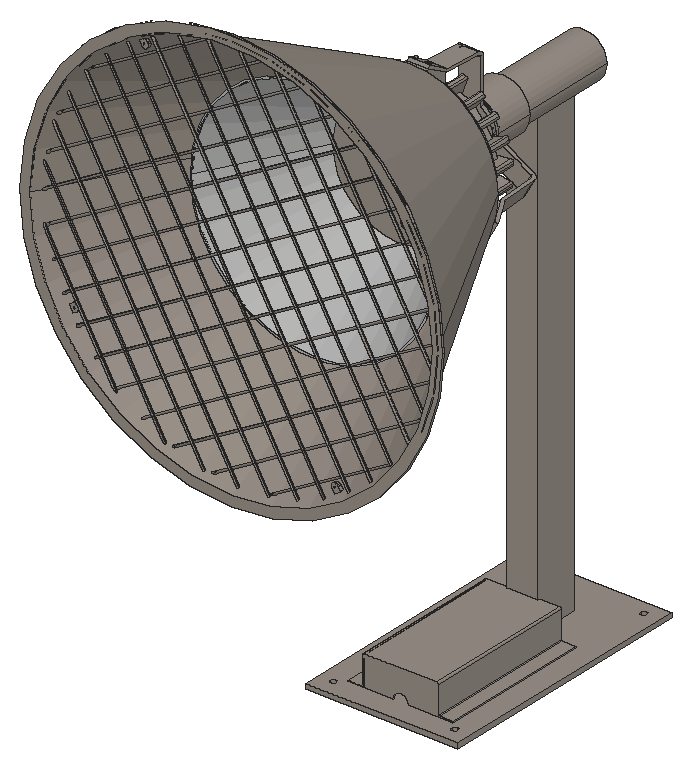
Revit family "Lighting_Wall-Mounted_Zero_City_Wall", category Lighting Fixtures, host Face, Revit 2020 (continued)
Automatic sketch dimensions
  curve 332 to curve 334 = 4 mm  (x2)
  curve 344 to curve 331 = 12.579 mm  (x2)
  curve 334 to curve 335 = 2 mm  (x2)
  curve 389 to curve 391 = 4 mm
  curve 331 to curve 338 = 2 mm  (x2)
  curve 391 to curve 392 = 2 mm
  curve 338 to curve 336 = 4 mm  (x2)
  curve 336 to curve 335 = 2 mm  (x2)
  curve 335 to curve 283 = 25.856 mm
  curve 282 to curve 365 = 31.246 mm
  curve 365 to curve 378 = 3.036 mm
  curve 365 to curve 357 = 3.036 mm  (x2)
  curve 378 to curve 413 = 7.186 mm
  curve 357 to curve 353 = 3.036 mm  (x2)
  curve 413 to curve 386 = 2.046 mm  (x2)
  curve 353 to curve 341 = 3.036 mm  (x2)
  curve 386 to curve 394 = 3.036 mm
  curve 394 to curve 414 = 2.047 mm
  curve 341 to curve 333 = 3.036 mm  (x2)
  curve 341 to curve 412 = 10.766 mm
  curve 238 to curve 243 = 0.007 mm
  curve 333 to curve 325 = 7.258 mm
  curve 394 to curve 406 = 8.872 mm  (x2)
  curve 325 to curve 317 = 3.036 mm
  curve 406 to curve 398 = 3.036 mm  (x2)
  curve 317 to curve 309 = 3.036 mm
  curve 309 to curve 304 = 3.071 mm
  curve 304 to curve 295 = 5.975 mm
  curve 304 to curve 299 = 2.998 mm
  curve 282 to curve 284 = 28 mm
  curve 260 to curve 323 = 11.237 mm
  curve 330 to curve 330 = 2 mm
  curve 330 to curve 328 = 4 mm
  curve 409 to curve 409 = 2 mm  (x2)
  curve 287 to curve 323 = 14.962 mm
  curve 328 to curve 327 = 2 mm
  curve 324 to curve 324 = 2 mm
  curve 409 to curve 411 = 4 mm  (x2)
  curve 411 to curve 404 = 2 mm  (x2)
  curve 324 to curve 326 = 4 mm
  curve 409 to curve 408 = 20.833 mm
  curve 326 to curve 327 = 2 mm
  curve 407 to curve 407 = 2 mm  (x2)
  curve 328 to curve 315 = 12.579 mm
  curve 407 to curve 405 = 4 mm  (x2)
  curve 322 to curve 322 = 2 mm
  curve 405 to curve 404 = 2 mm  (x2)
  curve 404 to curve 400 = 12.579 mm  (x2)
  curve 322 to curve 320 = 4 mm
  curve 401 to curve 401 = 2 mm  (x2)
  curve 320 to curve 319 = 2 mm
  curve 401 to curve 403 = 4 mm  (x2)
  curve 299 to curve 416 = 39.315 mm
  curve 403 to curve 396 = 2 mm  (x2)
  curve 326 to curve 315 = 18.378 mm
  curve 283 to curve 329 = 53.728 mm
  curve 316 to curve 316 = 2 mm
  curve 320 to curve 307 = 12.579 mm
  curve 314 to curve 314 = 2 mm
  curve 316 to curve 318 = 4 mm
  curve 405 to curve 400 = 18.378 mm  (x2)
  curve 318 to curve 319 = 2 mm
  curve 314 to curve 312 = 4 mm
  curve 399 to curve 399 = 2 mm  (x2)
  curve 312 to curve 311 = 2 mm
  curve 399 to curve 397 = 4 mm  (x2)
  curve 397 to curve 396 = 2 mm  (x2)
  curve 407 to curve 410 = 62.78 mm
  curve 312 to curve 306 = 12.568 mm
  curve 264 to curve 264 = 2 mm
  curve 264 to curve 266 = 4 mm
  curve 415 to curve 276 = 27.374 mm
  curve 318 to curve 307 = 18.378 mm
  curve 275 to curve 275 = 2 mm  (x2)
  curve 266 to curve 301 = 14.562 mm
  curve 275 to curve 273 = 4 mm  (x2)
  curve 268 to curve 268 = 2 mm
  curve 308 to curve 308 = 2 mm
  curve 273 to curve 272 = 2 mm  (x2)
  curve 268 to curve 270 = 4 mm
  curve 270 to curve 297 = 2 mm
  curve 308 to curve 310 = 4 mm
  curve 310 to curve 311 = 2 mm
  curve 310 to curve 306 = 18.414 mm
  curve 305 to curve 305 = 2 mm
  curve 305 to curve 303 = 4 mm
  curve 303 to curve 302 = 2 mm
  curve 396 to curve 254 = 25.532 mm
  curve 329 to curve 321 = 43.766 mm
  curve 275 to curve 276 = 20.833 mm
  curve 276 to curve 296 = 2 mm  (x2)
  curve 296 to curve 294 = 4 mm  (x2)
  curve 303 to curve 301 = 18.34 mm
  curve 300 to curve 300 = 2 mm
  curve 294 to curve 272 = 2 mm  (x2)
  curve 300 to curve 298 = 4 mm
  curve 298 to curve 297 = 2 mm
  curve 410 to curve 402 = 43.766 mm  (x2)
  curve 296 to curve 252 = 25.844 mm
  curve 321 to curve 313 = 43.766 mm
  curve 313 to curve 265 = 43.766 mm
  curve 422 to curve 274 = 23.522 mm  (x2)
  curve 274 to curve 269 = 43.766 mm  (x2)
  curve 241 to curve 390 = 157.335 mm
  curve 390 to curve 410 = 127.906 mm
  curve 390 to curve 382 = 43.766 mm
  curve 390 to curve 392 = 62.875 mm
  curve 410 to curve 408 = 62.875 mm
  curve 392 to curve 393 = 2 mm
  curve 393 to curve 395 = 4 mm
  curve 395 to curve 388 = 2 mm
  curve 395 to curve 384 = 18.378 mm
  curve 385 to curve 385 = 2 mm
  curve 385 to curve 387 = 4 mm
  curve 387 to curve 380 = 2 mm
  curve 393 to curve 392 = 20.833 mm
  curve 407 to curve 408 = 20.833 mm
  curve 392 to curve 391 = 2 mm
  curve 396 to curve 253 = 25.532 mm
  curve 387 to curve 289 = 25.851 mm
  curve 391 to curve 389 = 4 mm
  curve 389 to curve 388 = 2 mm
  curve 389 to curve 384 = 12.579 mm
  curve 383 to curve 383 = 2 mm
  curve 383 to curve 381 = 4 mm
  curve 381 to curve 380 = 2 mm
  curve 253 to curve 422 = 55.391 mm
  curve 253 to curve 252 = 28 mm
  curve 288 to curve 289 = 28 mm
  curve 289 to curve 374 = 53.731 mm
  curve 289 to curve 376 = 25.526 mm
  curve 252 to curve 276 = 25.844 mm
  curve 376 to curve 377 = 2 mm
  curve 377 to curve 376 = 20.833 mm
  curve 296 to curve 276 = 20.833 mm
  curve 376 to curve 375 = 2 mm
  curve 377 to curve 379 = 4 mm
  curve 379 to curve 372 = 2 mm
  curve 391 to curve 414 = 58.972 mm
  curve 375 to curve 373 = 4 mm
  curve 414 to curve 394 = 2.047 mm
  curve 373 to curve 372 = 2 mm
  curve 394 to curve 413 = 4.574 mm
  curve 413 to curve 378 = 7.186 mm
  curve 398 to curve 295 = 7.258 mm
  curve 394 to curve 248 = 10.772 mm
  curve 243 to curve 261 = 0.007 mm
  curve 248 to curve 415 = 15.008 mm
  curve 249 to curve 418 = 14.992 mm
  curve 378 to curve 365 = 3.036 mm
  curve 295 to curve 299 = 3.036 mm
  curve 372 to curve 363 = 12.579 mm
  curve 272 to curve 297 = 12.579 mm
  curve 299 to curve 304 = 2.998 mm
  curve 372 to curve 363 = 18.378 mm
  curve 297 to curve 270 = 2 mm
  curve 272 to curve 297 = 18.378 mm
  curve 304 to curve 309 = 3.071 mm
  curve 297 to curve 298 = 2 mm
  curve 309 to curve 317 = 3.036 mm
  curve 270 to curve 268 = 4 mm
  curve 317 to curve 325 = 3.036 mm
  curve 268 to curve 301 = 2 mm
  curve 298 to curve 300 = 4 mm
  curve 300 to curve 301 = 2 mm
  curve 374 to curve 369 = 43.766 mm
  curve 301 to curve 266 = 14.562 mm
  curve 266 to curve 264 = 4 mm
  curve 264 to curve 306 = 2 mm
  curve 301 to curve 302 = 18.34 mm
  curve 302 to curve 303 = 2 mm
  curve 303 to curve 305 = 4 mm
  curve 305 to curve 306 = 2 mm
  curve 306 to curve 311 = 12.568 mm
  curve 311 to curve 312 = 2 mm
  curve 312 to curve 314 = 4 mm
  curve 314 to curve 307 = 2 mm
  curve 306 to curve 311 = 18.414 mm
  curve 311 to curve 310 = 2 mm
  curve 307 to curve 319 = 12.579 mm
  curve 319 to curve 320 = 2 mm
  curve 269 to curve 265 = 43.766 mm
  curve 310 to curve 308 = 4 mm
  curve 320 to curve 322 = 4 mm
  curve 308 to curve 307 = 2 mm
  curve 322 to curve 315 = 2 mm
  curve 315 to curve 327 = 12.579 mm
  curve 327 to curve 328 = 2 mm
  curve 328 to curve 330 = 4 mm
  curve 330 to curve 323 = 2 mm
  curve 307 to curve 319 = 18.378 mm
  curve 319 to curve 318 = 2 mm
  curve 318 to curve 316 = 4 mm
  curve 316 to curve 315 = 2 mm
  curve 315 to curve 327 = 18.378 mm
  curve 327 to curve 326 = 2 mm
  curve 326 to curve 324 = 4 mm
  curve 324 to curve 323 = 2 mm
  curve 265 to curve 313 = 43.766 mm
  curve 335 to curve 282 = 25.856 mm
  curve 313 to curve 321 = 43.766 mm
  curve 321 to curve 329 = 43.766 mm
  curve 240 to curve 369 = 113.774 mm
  curve 289 to curve 279 = 4.295 mm  (x2)
  curve 365 to curve 364 = 0 mm  (x2)
  curve 378 to curve 379 = 0 mm
  curve 279 to curve 291 = 13.726 mm
  curve 357 to curve 356 = 0 mm
  curve 291 to curve 292 = 1.97 mm
  curve 279 to curve 293 = 12.492 mm
  curve 292 to curve 292 = 4 mm
  curve 291 to curve 292 = 0 mm  (x2)
  curve 288 to curve 281 = 4.319 mm
  curve 353 to curve 352 = 0 mm
  curve 369 to curve 370 = 0 mm  (x2)
  curve 374 to curve 373 = 0 mm
  curve 361 to curve 362 = 0 mm  (x2)
  curve 386 to curve 387 = 0 mm
  curve 413 to curve 381 = 11.499 mm
  curve 341 to curve 340 = 0 mm  (x2)
  curve 349 to curve 350 = 0 mm
  curve 419 to curve 418 = 7.136 mm
  curve 420 to curve 418 = 14.165 mm
  curve 412 to curve 383 = 6.839 mm
  curve 382 to curve 381 = 0 mm  (x2)
  curve 345 to curve 346 = 0 mm  (x2)
  curve 394 to curve 395 = 0 mm  (x2)
  curve 420 to curve 249 = 5.282 mm
  curve 333 to curve 332 = 0 mm  (x2)
  curve 247 to curve 245 = 2.952 mm
  curve 245 to curve 421 = 2.232 mm
  curve 390 to curve 389 = 0 mm  (x2)
  curve 245 to curve 243 = 2.048 mm
  curve 243 to curve 421 = 1.082 mm
  curve 414 to curve 391 = 6.837 mm
  curve 337 to curve 338 = 0 mm
  curve 288 to curve 242 = 5.83 mm
  curve 414 to curve 414 = 10.096 mm
  curve 279 to curve 286 = 10.719 mm
  curve 285 to curve 286 = 0 mm
  curve 285 to curve 286 = 4 mm
  curve 241 to curve 254 = 5.874 mm
  curve 241 to curve 246 = 2.681 mm
  curve 329 to curve 330 = 0 mm  (x2)
  curve 330 to curve 260 = 6.756 mm
  curve 410 to curve 409 = 0 mm  (x2)
  curve 409 to curve 259 = 6.788 mm
  curve 251 to curve 244 = 1.184 mm
  curve 325 to curve 324 = 0 mm
  curve 327 to curve 261 = 6.768 mm
  curve 251 to curve 251 = 2.294 mm
  curve 411 to curve 258 = 6.778 mm
  curve 252 to curve 415 = 2.344 mm
  curve 406 to curve 407 = 0 mm
  curve 321 to curve 322 = 0 mm
  curve 416 to curve 415 = 7.136 mm  (x2)
  curve 402 to curve 401 = 0 mm  (x2)
  curve 319 to curve 262 = 6.8 mm
  curve 317 to curve 316 = 0 mm
  curve 403 to curve 277 = 6.745 mm
  curve 313 to curve 314 = 0 mm  (x2)
  curve 398 to curve 399 = 0 mm
  curve 265 to curve 264 = 0 mm
  curve 311 to curve 263 = 6.824 mm
  curve 266 to curve 265 = 0 mm
  curve 266 to curve 266 = 2 mm
  curve 266 to curve 302 = 0.038 mm
  curve 274 to curve 275 = 0 mm
  curve 269 to curve 268 = 0 mm
  curve 309 to curve 308 = 0 mm
  curve 397 to curve 257 = 14.964 mm
  curve 275 to curve 422 = 11.538 mm
  curve 266 to curve 267 = 6.838 mm
  curve 275 to curve 422 = 7.483 mm
  curve 268 to curve 267 = 6.845 mm
  curve 273 to curve 271 = 6.843 mm
  curve 280 to curve 253 = 4.33 mm
  curve 280 to curve 255 = 15.247 mm
  curve 304 to curve 305 = 0 mm
  curve 256 to curve 256 = 1.97 mm
  curve 255 to curve 255 = 4 mm
  curve 256 to curve 255 = 0 mm  (x2)
  curve 295 to curve 296 = 0 mm  (x2)
  curve 299 to curve 300 = 0 mm
  curve 278 to curve 252 = 4.319 mm
  curve 242 to curve 240 = 8.584 mm  (x2)
  curve 371 to curve 280 = 7.194 mm
  curve 281 to curve 292 = 10.719 mm
  curve 256 to curve 278 = 14.098 mm
  curve 422 to curve 275 = 11.538 mm
  curve 287 to curve 279 = 12.433 mm  (x2)
  curve 286 to curve 279 = 15.168 mm
  curve 286 to curve 285 = 1.97 mm  (x2)
  curve 238 to curve 239 = 0 mm  (x2)
  curve 238 to curve 240 = 0 mm  (x2)
  curve 238 to curve 263 = 0 mm  (x3)
  curve 238 to curve 267 = 0 mm  (x3)
  curve 238 to curve 271 = 0 mm  (x3)
  curve 238 to curve 277 = 0 mm  (x2)
  curve 238 to curve 278 = 0 mm  (x2)
  curve 238 to curve 279 = 0 mm  (x2)
  curve 238 to curve 280 = 0 mm  (x2)
  curve 238 to curve 281 = 0 mm  (x2)
  curve 238 to curve 371 = 0 mm  (x3)
  curve 239 to curve 258 = 0 mm  (x2)
  curve 239 to curve 259 = 0 mm  (x2)
  curve 239 to curve 260 = 0 mm  (x2)
  curve 239 to curve 261 = 0 mm  (x2)
  curve 239 to curve 262 = 0 mm  (x2)
  curve 239 to curve 263 = 0 mm  (x3)
  curve 239 to curve 267 = 0 mm  (x2)
  curve 239 to curve 277 = 0 mm  (x2)
  curve 239 to curve 278 = 0 mm  (x2)
  curve 239 to curve 280 = 0 mm  (x2)
  curve 239 to curve 281 = 0 mm  (x2)
  curve 239 to curve 371 = 0 mm  (x2)
  curve 239 to curve 412 = 0 mm  (x2)
  curve 240 to curve 258 = 0 mm  (x2)
  curve 240 to curve 259 = 0 mm  (x2)
  curve 240 to curve 260 = 0 mm  (x2)
  curve 240 to curve 261 = 0 mm  (x2)
  curve 240 to curve 262 = 0 mm  (x2)
  curve 240 to curve 263 = 0 mm  (x2)
  curve 240 to curve 267 = 0 mm  (x2)
  curve 240 to curve 271 = 0 mm  (x2)
  curve 240 to curve 277 = 0 mm  (x2)
  curve 240 to curve 278 = 0 mm  (x2)
  curve 240 to curve 280 = 0 mm  (x2)
  curve 240 to curve 281 = 0 mm  (x2)
  curve 240 to curve 371 = 0 mm  (x2)
  curve 240 to curve 412 = 0 mm  (x2)
  curve 243 to curve 244 = 0 mm  (x2)
  curve 243 to curve 248 = 0 mm  (x3)
  curve 243 to curve 249 = 0 mm  (x3)
  curve 243 to curve 250 = 0 mm  (x3)
  curve 244 to curve 245 = 0 mm  (x2)
  curve 244 to curve 246 = 0 mm  (x2)
  curve 244 to curve 247 = 0 mm  (x2)
  curve 244 to curve 248 = 0 mm  (x2)
  curve 244 to curve 249 = 0 mm  (x2)
  curve 244 to curve 250 = 0 mm  (x2)
  curve 245 to curve 246 = 0 mm  (x2)
  curve 245 to curve 247 = 0 mm  (x2)
  curve 245 to curve 248 = 0 mm  (x2)
  curve 245 to curve 249 = 0 mm  (x2)
  curve 245 to curve 250 = 0 mm  (x2)
  curve 246 to curve 247 = 0 mm  (x2)
  curve 246 to curve 248 = 0 mm  (x3)
  curve 246 to curve 249 = 0 mm  (x2)
  curve 246 to curve 250 = 0 mm  (x2)
  curve 247 to curve 248 = 0 mm  (x2)
  curve 247 to curve 249 = 0 mm  (x2)
  curve 248 to curve 249 = 0 mm  (x2)
  curve 258 to curve 259 = 0 mm  (x3)
  curve 258 to curve 260 = 0 mm  (x3)
  curve 258 to curve 261 = 0 mm  (x3)
  curve 258 to curve 262 = 0 mm  (x2)
  curve 258 to curve 263 = 0 mm  (x2)
  curve 258 to curve 267 = 0 mm  (x2)
  curve 258 to curve 277 = 0 mm  (x2)
  curve 258 to curve 278 = 0 mm  (x2)
  curve 258 to curve 279 = 0 mm  (x2)
  curve 258 to curve 280 = 0 mm  (x2)
  curve 258 to curve 281 = 0 mm  (x2)
  curve 258 to curve 371 = 0 mm  (x2)
  curve 258 to curve 412 = 0 mm  (x2)
  curve 259 to curve 260 = 0 mm  (x2)
  curve 259 to curve 261 = 0 mm  (x2)
  curve 259 to curve 262 = 0 mm  (x2)
  curve 259 to curve 263 = 0 mm  (x2)
  curve 259 to curve 267 = 0 mm  (x2)
  curve 259 to curve 277 = 0 mm  (x2)
  curve 259 to curve 278 = 0 mm  (x2)
  curve 259 to curve 279 = 0 mm  (x2)
  curve 259 to curve 280 = 0 mm  (x2)
  curve 259 to curve 281 = 0 mm  (x2)
  curve 259 to curve 412 = 0 mm  (x2)
  curve 260 to curve 261 = 0 mm  (x2)
  curve 260 to curve 262 = 0 mm  (x2)
  curve 260 to curve 263 = 0 mm  (x2)
  curve 260 to curve 267 = 0 mm  (x2)
  curve 260 to curve 277 = 0 mm  (x2)
  curve 260 to curve 278 = 0 mm  (x2)
  curve 260 to curve 279 = 0 mm  (x2)
  curve 260 to curve 280 = 0 mm  (x2)
  curve 260 to curve 281 = 0 mm  (x2)
  curve 260 to curve 371 = 0 mm  (x2)
  curve 260 to curve 412 = 0 mm  (x2)
  curve 261 to curve 262 = 0 mm  (x2)
  curve 261 to curve 263 = 0 mm  (x2)
  curve 261 to curve 267 = 0 mm  (x2)
  curve 261 to curve 277 = 0 mm  (x2)
  curve 261 to curve 278 = 0 mm  (x2)
  curve 261 to curve 279 = 0 mm  (x2)
  curve 261 to curve 280 = 0 mm  (x2)
  curve 261 to curve 281 = 0 mm  (x2)
  curve 261 to curve 371 = 0 mm  (x2)
  curve 261 to curve 412 = 0 mm  (x2)
  curve 262 to curve 263 = 0 mm  (x2)
  curve 262 to curve 267 = 0 mm  (x2)
  curve 262 to curve 277 = 0 mm  (x2)
  curve 262 to curve 278 = 0 mm  (x2)
  curve 262 to curve 279 = 0 mm  (x2)
  curve 262 to curve 280 = 0 mm  (x2)
  curve 262 to curve 371 = 0 mm  (x2)
  curve 262 to curve 412 = 0 mm  (x2)
  curve 263 to curve 277 = 0 mm  (x2)
  curve 263 to curve 278 = 0 mm  (x2)
  curve 263 to curve 279 = 0 mm  (x2)
  curve 263 to curve 280 = 0 mm  (x2)
  curve 263 to curve 281 = 0 mm  (x2)
  curve 263 to curve 412 = 0 mm  (x2)
  curve 267 to curve 277 = 0 mm  (x2)
  curve 267 to curve 278 = 0 mm  (x2)
  curve 267 to curve 279 = 0 mm  (x2)
  curve 267 to curve 280 = 0 mm  (x2)
  curve 267 to curve 281 = 0 mm  (x2)
  curve 267 to curve 371 = 0 mm  (x2)
  curve 267 to curve 412 = 0 mm  (x2)
  curve 271 to curve 277 = 0 mm  (x2)
  curve 271 to curve 278 = 0 mm  (x2)
  curve 271 to curve 279 = 0 mm  (x2)
  curve 271 to curve 280 = 0 mm  (x2)
  curve 271 to curve 281 = 0 mm  (x3)
  curve 271 to curve 371 = 0 mm  (x2)
  curve 277 to curve 279 = 0 mm  (x2)
  curve 277 to curve 281 = 0 mm  (x2)
  curve 277 to curve 371 = 0 mm  (x2)
  curve 278 to curve 280 = 0 mm  (x2)
  curve 278 to curve 281 = 0 mm  (x2)
  curve 278 to curve 371 = 0 mm  (x3)
  curve 278 to curve 412 = 0 mm  (x2)
  curve 279 to curve 280 = 0 mm  (x2)
  curve 279 to curve 281 = 0 mm  (x2)
  curve 279 to curve 412 = 0 mm  (x2)
  curve 280 to curve 371 = 0 mm  (x3)
  curve 280 to curve 412 = 0 mm  (x2)
  curve 281 to curve 371 = 0 mm  (x2)
  curve 281 to curve 412 = 0 mm  (x2)
  curve 371 to curve 412 = 0 mm  (x2)
  curve 415 to curve 417 = 0 mm  (x4)
  curve 416 to curve 417 = 0 mm  (x2)
  curve 418 to curve 419 = 0 mm  (x2)
  curve 419 to curve 420 = 0 mm  (x2)
  curve 412 to plane 3 "Center (Left/Right)" = 0 mm
  curve 243 to plane 3 "Center (Left/Right)" = 0 mm
  curve 333 to plane 3 "Center (Left/Right)" = 3.672 mm
  curve 414 to plane 3 "Center (Left/Right)" = 4.169 mm
  curve 394 to curve 414 = 0.19 mm
  curve 341 to curve 333 = 2.679 mm
  curve 386 to curve 394 = 2.576 mm
  curve 353 to curve 341 = 2.182 mm
  curve 413 to curve 386 = 1.912 mm
  curve 357 to curve 353 = 1.515 mm
  curve 378 to curve 357 = 0.623 mm
  curve 365 to curve 378 = 0.109 mm
  curve 338 to curve 336 = 3.758 mm
  curve 334 to curve 336 = 7.143 mm
  curve 395 to curve 393 = 3.656 mm
  curve 346 to curve 344 = 3.234 mm
  curve 342 to curve 344 = 12.261 mm
  curve 348 to curve 346 = 11.888 mm
  curve 350 to curve 348 = 2.46 mm
  curve 387 to curve 385 = 3.067 mm
  curve 360 to curve 350 = 8.257 mm
  curve 362 to curve 360 = 1.495 mm
  curve 373 to curve 375 = 0.698 mm
  curve 368 to curve 362 = 3.987 mm
  curve 370 to curve 368 = 0.414 mm
  curve 352 to curve 354 = 2.46 mm
  curve 356 to curve 358 = 1.495 mm
  curve 379 to curve 377 = 0.698 mm
  curve 364 to curve 366 = 0.414 mm
  curve 369 to curve 374 = 1.567 mm
  plane 3 "Center (Left/Right)" to curve 325 = 3.585 mm
  plane 3 "Center (Left/Right)" to curve 406 = 4.513 mm
  curve 325 to curve 317 = 2.682 mm
  curve 406 to curve 398 = 2.573 mm
  curve 317 to curve 309 = 2.186 mm
  curve 309 to curve 304 = 1.527 mm
  curve 304 to curve 295 = 0.627 mm
  curve 304 to curve 299 = 0.73 mm
  curve 330 to curve 328 = 3.76 mm
  curve 407 to curve 405 = 3.653 mm
  curve 322 to curve 320 = 3.238 mm
  curve 314 to curve 312 = 2.466 mm
  curve 399 to curve 397 = 3.062 mm
  curve 264 to curve 266 = 1.502 mm
  curve 275 to curve 273 = 0.691 mm
  curve 266 to curve 268 = 4.016 mm
  curve 268 to curve 270 = 0.422 mm
  curve 308 to curve 310 = 2.466 mm
  curve 305 to curve 303 = 1.502 mm
  curve 296 to curve 294 = 0.691 mm
  curve 300 to curve 298 = 0.422 mm
  curve 422 to curve 274 = 14.594 mm
  curve 274 to curve 269 = 1.488 mm
  curve 390 to curve 410 = 0.116 mm
  curve 393 to curve 395 = 1.624 mm
  curve 407 to curve 405 = 1.63 mm
  curve 385 to curve 387 = 2.568 mm
  curve 399 to curve 397 = 2.574 mm
  curve 391 to curve 389 = 1.624 mm
  curve 409 to curve 411 = 1.63 mm
  curve 383 to curve 381 = 2.568 mm
  curve 401 to curve 403 = 2.574 mm
  curve 377 to curve 375 = 3.636 mm
  curve 296 to curve 275 = 3.599 mm
  curve 377 to curve 379 = 3.939 mm
  curve 296 to curve 294 = 3.94 mm
  curve 375 to curve 373 = 3.939 mm
  curve 275 to curve 273 = 3.94 mm
  curve 414 to curve 394 = 2.038 mm
  curve 394 to curve 406 = 0.008 mm
  curve 394 to curve 413 = 0.879 mm
  curve 413 to curve 386 = 0.727 mm
  curve 406 to curve 398 = 1.611 mm
  curve 413 to curve 378 = 6.95 mm
  curve 398 to curve 295 = 6.347 mm
  curve 250 to curve 261 = 0.007 mm
  curve 247 to curve 415 = 0.007 mm
  curve 247 to curve 418 = 0.007 mm
  curve 378 to curve 365 = 3.034 mm
  curve 295 to curve 299 = 3.034 mm
  curve 365 to curve 357 = 2.946 mm
  curve 299 to curve 304 = 2.908 mm
  curve 357 to curve 353 = 2.63 mm
  curve 304 to curve 309 = 2.665 mm
  curve 370 to curve 364 = 2.159 mm
  curve 270 to curve 298 = 2.196 mm
  curve 353 to curve 341 = 2.111 mm
  curve 309 to curve 317 = 2.107 mm
  curve 370 to curve 368 = 3.978 mm
  curve 270 to curve 268 = 3.978 mm
  curve 341 to curve 333 = 1.428 mm
  curve 317 to curve 325 = 1.423 mm
  curve 364 to curve 366 = 3.978 mm
  curve 298 to curve 300 = 3.978 mm
  curve 362 to curve 360 = 3.71 mm
  curve 266 to curve 264 = 3.707 mm
  curve 362 to curve 356 = 7.787 mm
  curve 356 to curve 358 = 3.71 mm
  curve 303 to curve 305 = 3.707 mm
  curve 350 to curve 348 = 3.154 mm
  curve 312 to curve 314 = 3.15 mm
  curve 350 to curve 352 = 12.811 mm
  curve 348 to curve 346 = 11.501 mm
  curve 352 to curve 354 = 3.154 mm
  curve 310 to curve 308 = 3.15 mm
  curve 346 to curve 344 = 2.354 mm
  curve 320 to curve 322 = 2.348 mm
  curve 344 to curve 338 = 7.778 mm
  curve 338 to curve 336 = 1.372 mm
  curve 328 to curve 330 = 1.365 mm
  curve 340 to curve 342 = 2.354 mm
  curve 318 to curve 316 = 2.348 mm
  curve 332 to curve 334 = 1.372 mm
  curve 326 to curve 324 = 1.365 mm
  curve 285 to plane 3 "Center (Left/Right)" = 0.003 mm
  curve 285 to curve 285 = 4 mm
  curve 286 to curve 285 = 0 mm
  curve 391 to curve 414 = 8.699 mm
  curve 288 to curve 249 = 0.823 mm
  curve 336 to curve 336 = 1.879 mm
  curve 336 to curve 337 = 0.73 mm
  curve 336 to curve 337 = 0 mm
  curve 391 to curve 391 = 1.828 mm
  curve 338 to curve 337 = 0.641 mm
  curve 338 to curve 337 = 0 mm
  curve 391 to curve 390 = 0.855 mm
  curve 391 to curve 390 = 0 mm
  curve 334 to curve 334 = 1.879 mm
  curve 338 to curve 338 = 1.879 mm
  curve 414 to curve 392 = 2.775 mm
  curve 244 to curve 421 = 0.02 mm
  curve 389 to curve 389 = 0.768 mm
  curve 334 to curve 334 = 0.641 mm
  curve 333 to curve 334 = 0 mm
  curve 421 to curve 421 = 1.99 mm
  curve 250 to curve 243 = 2.048 mm
  curve 389 to curve 389 = 1.828 mm
  curve 393 to curve 393 = 1.828 mm
  curve 290 to curve 421 = 2.816 mm
  curve 332 to curve 332 = 0.73 mm
  curve 331 to curve 332 = 1.879 mm
  curve 412 to curve 389 = 2.776 mm
  curve 420 to curve 290 = 1.951 mm
  curve 394 to curve 393 = 0.768 mm
  curve 393 to curve 394 = 0 mm
  curve 344 to curve 343 = 1.617 mm
  curve 344 to curve 344 = 1.215 mm
  curve 345 to curve 344 = 0 mm
  curve 395 to curve 395 = 0.855 mm
  curve 388 to curve 395 = 1.828 mm
  curve 418 to curve 418 = 7.136 mm
  curve 346 to curve 346 = 1.138 mm
  curve 383 to curve 384 = 1.533 mm
  curve 383 to curve 382 = 1.32 mm
  curve 383 to curve 382 = 0 mm
  curve 346 to curve 346 = 1.617 mm
  curve 381 to curve 381 = 1.247 mm
  curve 412 to curve 384 = 4.391 mm
  curve 381 to curve 381 = 1.533 mm
  curve 420 to curve 418 = 2.301 mm
  curve 342 to curve 342 = 1.617 mm
  curve 413 to curve 381 = 4.39 mm
  curve 341 to curve 342 = 1.138 mm
  curve 342 to curve 341 = 0 mm
  curve 348 to curve 349 = 1.606 mm
  curve 348 to curve 347 = 1.23 mm
  curve 385 to curve 385 = 1.533 mm
  curve 350 to curve 349 = 1.547 mm
  curve 350 to curve 349 = 0 mm
  curve 341 to curve 340 = 1.215 mm
  curve 340 to curve 340 = 1.617 mm
  curve 386 to curve 385 = 1.247 mm
  curve 385 to curve 386 = 0 mm
  curve 351 to curve 350 = 1.23 mm
  curve 386 to curve 387 = 1.32 mm
  curve 387 to curve 386 = 0 mm
  curve 387 to curve 387 = 1.533 mm
  curve 360 to curve 361 = 1.872 mm
  curve 360 to curve 359 = 0.748 mm
  curve 362 to curve 362 = 1.837 mm
  curve 362 to curve 362 = 0.748 mm
  curve 375 to curve 375 = 1.977 mm
  curve 373 to curve 373 = 1.96 mm
  curve 368 to curve 369 = 1.994 mm
  curve 370 to curve 369 = 1.984 mm
  curve 375 to curve 376 = 0.349 mm
  curve 354 to curve 347 = 1.23 mm
  curve 368 to curve 368 = 0.207 mm
  curve 373 to curve 373 = 0.349 mm
  curve 363 to curve 370 = 0.207 mm
  curve 354 to curve 354 = 1.547 mm
  curve 352 to curve 352 = 1.23 mm
  curve 353 to curve 352 = 1.606 mm
  curve 352 to curve 353 = 0 mm
  curve 358 to curve 359 = 0.748 mm
  curve 291 to curve 281 = 1.536 mm
  curve 291 to curve 291 = 0.294 mm
  curve 358 to curve 358 = 1.837 mm
  curve 293 to curve 291 = 1.402 mm
  curve 355 to curve 356 = 0.748 mm
  curve 291 to curve 292 = 1.706 mm
  curve 357 to curve 356 = 1.872 mm
  curve 356 to curve 357 = 0 mm
  curve 377 to curve 376 = 0.349 mm
  curve 366 to curve 367 = 0.207 mm
  curve 372 to curve 379 = 0.349 mm
  curve 364 to curve 364 = 0.207 mm
  curve 378 to curve 377 = 1.96 mm
  curve 379 to curve 379 = 1.977 mm
  curve 366 to curve 366 = 1.984 mm
  curve 365 to curve 364 = 1.994 mm
  curve 289 to curve 279 = 3.934 mm
  plane 6 to curve 240 = 8.561 mm
  curve 241 to curve 246 = 0 mm
  curve 239 to curve 241 = 0 mm
  curve 248 to curve 254 = 0.748 mm
  curve 330 to curve 330 = 1.88 mm
  curve 330 to curve 330 = 0.727 mm
  curve 323 to curve 260 = 2.305 mm
  curve 328 to curve 328 = 0.637 mm
  curve 329 to curve 328 = 0 mm
  curve 409 to curve 409 = 1.826 mm
  curve 409 to curve 409 = 0.859 mm
  curve 323 to curve 324 = 1.88 mm
  curve 328 to curve 328 = 1.88 mm
  curve 409 to curve 259 = 2.767 mm
  curve 251 to curve 243 = 0.023 mm
  curve 324 to curve 325 = 0.637 mm
  curve 324 to curve 325 = 0 mm
  curve 327 to curve 261 = 2.309 mm
  curve 411 to curve 411 = 0.771 mm
  curve 410 to curve 411 = 0 mm
  curve 251 to curve 251 = 1.987 mm
  curve 411 to curve 411 = 1.826 mm
  curve 326 to curve 325 = 0.727 mm
  curve 251 to curve 252 = 2.812 mm
  curve 407 to curve 407 = 1.826 mm
  curve 326 to curve 326 = 1.88 mm
  curve 404 to curve 258 = 2.762 mm
  curve 252 to curve 415 = 2.03 mm
  curve 407 to curve 406 = 0.771 mm
  curve 407 to curve 406 = 0 mm
  curve 322 to curve 322 = 1.619 mm
  curve 322 to curve 322 = 1.212 mm
  curve 405 to curve 406 = 0.859 mm
  curve 405 to curve 404 = 1.826 mm
  curve 321 to curve 320 = 1.135 mm
  curve 320 to curve 321 = 0 mm
  curve 315 to curve 261 = 3.986 mm
  curve 400 to curve 401 = 1.531 mm
  curve 401 to curve 401 = 1.323 mm
  curve 320 to curve 319 = 1.619 mm
  curve 402 to curve 403 = 1.25 mm
  curve 403 to curve 402 = 0 mm
  curve 400 to curve 258 = 4.348 mm
  curve 319 to curve 262 = 3.992 mm
  curve 403 to curve 396 = 1.531 mm
  curve 316 to curve 316 = 1.619 mm
  curve 415 to curve 415 = 2.155 mm
  curve 316 to curve 317 = 1.135 mm
  curve 316 to curve 317 = 0 mm
  curve 396 to curve 277 = 4.34 mm
  curve 314 to curve 314 = 1.604 mm
  curve 314 to curve 314 = 1.233 mm
  curve 312 to curve 312 = 1.545 mm
  curve 400 to curve 399 = 1.531 mm
  curve 318 to curve 317 = 1.212 mm
  curve 318 to curve 317 = 0 mm
  curve 318 to curve 318 = 1.619 mm
  curve 312 to curve 311 = 1.233 mm
  curve 399 to curve 398 = 1.25 mm
  curve 307 to curve 262 = 5.368 mm
  curve 277 to curve 277 = 6.728 mm
  curve 397 to curve 397 = 1.323 mm
  curve 398 to curve 397 = 0 mm
  curve 397 to curve 396 = 1.531 mm
  curve 265 to curve 264 = 1.871 mm
  curve 312 to curve 263 = 5.374 mm
  curve 264 to curve 264 = 1.092 mm
  curve 266 to curve 266 = 1.835 mm
  curve 266 to curve 266 = 0.751 mm
  curve 266 to curve 302 = 0.007 mm
  curve 274 to curve 275 = 1.978 mm
  curve 275 to curve 274 = 0 mm
  curve 274 to curve 273 = 1.961 mm
  curve 268 to curve 268 = 1.993 mm
  curve 269 to curve 270 = 1.983 mm
  curve 276 to curve 275 = 0.346 mm
  curve 307 to curve 308 = 1.233 mm
  curve 301 to curve 268 = 0.211 mm
  curve 264 to curve 263 = 5.6 mm
  curve 273 to curve 273 = 0.346 mm
  curve 270 to curve 297 = 0.211 mm
  curve 308 to curve 309 = 1.545 mm
  curve 275 to curve 422 = 3.885 mm
  curve 266 to curve 267 = 6.352 mm
  curve 310 to curve 310 = 1.233 mm
  curve 310 to curve 310 = 1.604 mm
  curve 276 to curve 422 = 7.371 mm
  curve 273 to curve 271 = 6.741 mm
  curve 305 to curve 305 = 0.751 mm
  curve 280 to curve 255 = 1.885 mm
  curve 305 to curve 304 = 1.835 mm
  curve 303 to curve 302 = 0.751 mm
  curve 256 to curve 256 = 1.706 mm
  curve 303 to curve 303 = 1.871 mm
  curve 255 to curve 255 = 2 mm
  curve 276 to curve 296 = 0.346 mm
  curve 301 to curve 300 = 0.211 mm
  curve 294 to curve 272 = 0.346 mm
  curve 298 to curve 297 = 0.211 mm
  curve 296 to curve 296 = 1.961 mm
  curve 294 to curve 295 = 1.978 mm
  curve 300 to curve 299 = 1.983 mm
  curve 298 to curve 299 = 1.993 mm
  curve 278 to curve 252 = 3.74 mm
  curve 371 to curve 281 = 7.194 mm
  curve 393 to curve 393 = 1.847 mm
  curve 407 to curve 407 = 1.845 mm
  curve 405 to curve 406 = 0 mm
  curve 386 to curve 385 = 1.564 mm
  curve 398 to curve 399 = 1.561 mm
  curve 399 to curve 398 = 0 mm
  curve 412 to curve 389 = 5.439 mm
  curve 258 to curve 411 = 5.374 mm
  curve 391 to curve 391 = 0.812 mm
  curve 408 to curve 409 = 0.815 mm
  curve 253 to curve 280 = 2.165 mm
  curve 289 to curve 281 = 2.16 mm
  curve 389 to curve 389 = 0.812 mm
  curve 411 to curve 411 = 0.815 mm
  curve 280 to curve 257 = 6.211 mm
  curve 413 to curve 381 = 3.957 mm
  curve 384 to curve 383 = 1.284 mm
  curve 277 to curve 403 = 3.876 mm
  curve 400 to curve 401 = 1.287 mm
  curve 381 to curve 380 = 1.284 mm
  curve 403 to curve 396 = 1.287 mm
  curve 256 to curve 252 = 4.475 mm
  curve 292 to curve 289 = 9.002 mm
  curve 290 to curve 279 = 1.725 mm
  curve 252 to curve 278 = 2.16 mm
  curve 248 to curve 254 = 0.536 mm
  curve 249 to curve 288 = 0.591 mm
  curve 246 to curve 241 = 2.681 mm
  curve 376 to curve 377 = 1.969 mm
  curve 296 to curve 296 = 1.97 mm
  curve 378 to curve 377 = 0 mm
  curve 375 to curve 375 = 1.969 mm
  curve 275 to curve 275 = 1.97 mm
  curve 379 to curve 378 = 0 mm
  curve 294 to curve 295 = 0 mm
  curve 374 to curve 375 = 0 mm
  curve 373 to curve 374 = 0 mm
  curve 273 to curve 274 = 0 mm
  curve 271 to curve 273 = 1.182 mm
  curve 415 to curve 252 = 1.172 mm
  curve 420 to curve 290 = 1.126 mm
  curve 251 to curve 243 = 1.184 mm
  curve 421 to curve 243 = 1.082 mm
  curve 370 to curve 370 = 1.989 mm
  curve 270 to curve 270 = 1.989 mm
  curve 269 to curve 270 = 0 mm
  curve 364 to curve 364 = 1.989 mm
  curve 298 to curve 298 = 1.989 mm
  curve 299 to curve 298 = 0 mm
  curve 368 to curve 369 = 0 mm
  curve 268 to curve 269 = 0 mm
  curve 366 to curve 365 = 0 mm
  curve 300 to curve 299 = 0 mm
  curve 301 to curve 267 = 0.722 mm
  curve 355 to curve 362 = 1.855 mm
  curve 302 to curve 266 = 1.891 mm
  curve 302 to curve 266 = 0.037 mm
  curve 265 to curve 266 = 0 mm
  curve 360 to curve 361 = 0 mm
  curve 264 to curve 265 = 0 mm
  curve 356 to curve 356 = 1.855 mm
  curve 303 to curve 303 = 1.854 mm
  curve 264 to curve 263 = 4.386 mm
  curve 304 to curve 303 = 0 mm
  curve 358 to curve 357 = 0 mm
  curve 305 to curve 304 = 0 mm
  curve 351 to curve 350 = 1.577 mm
  curve 311 to curve 312 = 1.575 mm
  curve 313 to curve 312 = 0 mm
  curve 348 to curve 349 = 0 mm
  curve 307 to curve 262 = 4.202 mm
  curve 352 to curve 352 = 1.577 mm
  curve 311 to curve 310 = 1.575 mm
  curve 345 to curve 346 = 1.645 mm
  curve 321 to curve 320 = 1.647 mm
  curve 309 to curve 310 = 0 mm
  curve 322 to curve 321 = 0 mm
  curve 354 to curve 353 = 0 mm
  curve 308 to curve 309 = 0 mm
  curve 337 to curve 338 = 1.895 mm
  curve 329 to curve 328 = 1.896 mm
  curve 315 to curve 261 = 5.496 mm
  curve 339 to curve 340 = 1.177 mm
  curve 319 to curve 318 = 1.174 mm
  curve 323 to curve 260 = 6.351 mm
  curve 342 to curve 342 = 1.177 mm
  curve 316 to curve 315 = 1.174 mm
  curve 331 to curve 332 = 0.686 mm
  curve 326 to curve 326 = 0.682 mm
  curve 325 to curve 326 = 0 mm
  curve 334 to curve 335 = 0.686 mm
  curve 324 to curve 324 = 0.682 mm
  curve 286 to curve 279 = 5.943 mm
  curve 279 to curve 282 = 4.319 mm
  curve 278 to curve 284 = 4.33 mm
  curve 232 to plane 6 = 0 mm
  curve 231 to level = 0 mm
  curve 234 to plane 7 = 0 mm
  curve 217 to plane 3 "Center (Left/Right)" = 51 mm
  curve 217 to curve 219 = 3 mm
  plane 3 "Center (Left/Right)" to curve 236 = 0.177 mm
  plane 3 "Center (Left/Right)" to curve 228 = 48.003 mm
  curve 228 to curve 226 = 3 mm
  curve 217 to curve 219 = 36.026 mm
  curve 232 to plane 4 = 277.441 mm
  level to curve 214 = 6.024 mm
  curve 214 to curve 217 = 49 mm
  level to curve 216 = 7.007 mm
  curve 216 to curve 217 = 17.99 mm
  curve 220 to plane 3 "Center (Left/Right)" = 20 mm
  curve 236 to plane 3 "Center (Left/Right)" = 9.823 mm
  plane 3 "Center (Left/Right)" to curve 230 = 20 mm
  curve 223 to curve 231 = 30.99 mm
  curve 224 to curve 224 = 0.983 mm
  radius of Blend 1 sketch curve = 269.997 mm
  radius of Blend 1 sketch curve = 115 mm
  radius of Extrusion 3 sketch curve = 277.5 mm
  radius of Sweep 5 sketch curve = 4 mm
  radius of Sweep 7 sketch curve = 4 mm
  radius of Sweep 9 sketch curve = 4 mm
  radius of Extrusion 10 sketch curve = 30 mm
  radius of Extrusion 11 sketch curve = 32.048 mm
  radius of Extrusion 11 sketch curve = 35 mm
  radius of Extrusion 12 sketch curve = 1.25 mm  (x14)
  radius of Extrusion 13 sketch curve = 1.25 mm  (x14)
  radius of Extrusion 15 sketch curve = 1.25 mm  (x4)
  radius of Extrusion 18 sketch curve = 3.999 mm  (x4)
  radius of Extrusion 23 sketch curve = 7.136 mm  (x2)
  radius of Extrusion 23 sketch curve = 14.165 mm  (x2)
  radius of Extrusion 23 sketch curve = 14.159 mm
  radius of Extrusion 23 sketch curve = 2 mm
  radius of Blend 24 sketch curve = 161.492 mm
  radius of Blend 24 sketch curve = 87.621 mm
Connectors
  electrical at (0, 317.001, 0), driven by "NominalVoltage"
    settings: on cut or joined group of Sweep 4, Sweep 5, Sweep 6, Sweep 7, Sweep 8, Sweep 9, Extrusion 10, Extrusion 11, Extrusion 16, Extrusion 17, Extrusion 18, Extrusion 19, Extrusion 28, index 1, voltage 230 V, apparent load 0 VA, apparent load phase1 0 VA, apparent load phase2 0 VA, apparent load phase3 0 VA, power factor 1, load classification "Other", number of poles 1, system type 31, power factor state 1, is connector primary yes, connector utility no, sub classification motor no, connector description ""
Types (18, lengths in mm): name | Wattage | TotalWattage | Photometric Web File | ModelReference | Model | built-in parameter 1150105 | Lumens | LightSource | LightFixtureMainMaterial | Light | InternalShadeVisibility | built-in parameter 1150106 | Features | DimmingType | Color | ArticleNumber
  City wall fixture LED 1166LM/18W black | 7.84963 W | 18 W | "City33973.IES" | "3397-3-06" | "City wall fixture LED 1166LM/18W black" | 925.33 (stored number, unit not read) | 1166 lm | "LED 1166LM/18W" | Black aluminium | "Symmetrical" | yes | 9.2533 (stored number, unit not read) | "Junction box in the wall bracket." | "n/a" | "Black" | "3397-3-06"
  City wall fixture LED 1166LM/18W black dimmable DALI | 7.84963 W | 18 W | "City33973.IES" | "3397-3-06HFF" | "City wall fixture LED 1166LM/18W black dimmable DALI" | 925.33 (stored number, unit not read) | 1166 lm | "LED 1166LM/18W" | Black aluminium | "Symmetrical" | yes | 9.2533 (stored number, unit not read) | "Junction box in the wall bracket. Dimmable DALI." | "Dimmable DALI." | "Black" | "3397-3-06HFF"
  City wall fixture LED 1166LM/18W black night-time dimming | 7.84963 W | 18 W | "City33973.IES" | "3397-3-06N" | "City wall fixture LED 1166LM/18W black night-time dimming" | 925.33 (stored number, unit not read) | 1166 lm | "LED 1166LM/18W" | Black aluminium | "Symmetrical" | yes | 9.2533 (stored number, unit not read) | "Junction box in the wall bracket. Night-time dimming." | "Night-time dimming." | "Black" | "3397-3-06N"
  City wall fixture LED 1166LM/18W beige grey | 7.84963 W | 18 W | "City33973.IES" | "3397-3-66" | "City wall fixture LED 1166LM/18W beige grey" | 925.33 (stored number, unit not read) | 1166 lm | "LED 1166LM/18W" | Beige aluminium | "Symmetrical" | yes | 9.2533 (stored number, unit not read) | "Junction box in the wall bracket." | "n/a" | "Beige grey" | "3397-3-66"
  City wall fixture LED 1166LM/18W beige grey dimmable DALI | 7.84963 W | 18 W | "City33973.IES" | "3397-3-66HFF" | "City wall fixture LED 1166LM/18W beige grey dimmable DALI" | 925.33 (stored number, unit not read) | 1166 lm | "LED 1166LM/18W" | Beige aluminium | "Symmetrical" | yes | 9.2533 (stored number, unit not read) | "Junction box in the wall bracket. Dimmable DALI." | "Dimmable DALI." | "Beige grey" | "3397-3-66HFF"
  City wall fixture LED 1166LM/18W beige grey night-time dimming | 7.84963 W | 18 W | "City33973.IES" | "3397-3-66N" | "City wall fixture LED 1166LM/18W beige grey night-time dimming" | 925.33 (stored number, unit not read) | 1166 lm | "LED 1166LM/18W" | Beige aluminium | "Symmetrical" | yes | 9.2533 (stored number, unit not read) | "Junction box in the wall bracket. Night-time dimming." | "Night-time dimming." | "Beige grey" | "3397-3-66N"
  City wall fixture LED 2120LM/32W beige grey | 14.2721 W | 32 W | "City33983.IES" | "3398-3-66" | "City wall fixture LED 2120LM/32W beige grey" | 168.7 (stored number, unit not read) | 2120 lm | "LED 2120LM/32W" | Beige aluminium | "Symmetrical" | yes | 1.687 (stored number, unit not read) | "Junction box in the wall bracket." | "n/a" | "Beige grey" | "3398-3-66"
  City wall fixture LED 2120LM/32W beige grey dimmable DALI | 14.2721 W | 32 W | "City33983.IES" | "3398-3-66HFF" | "City wall fixture LED 2120LM/32W beige grey dimmable DALI" | 1666.5 (stored number, unit not read) | 2120 lm | "LED 2120LM/32W" | Beige aluminium | "Symmetrical" | yes | 16.665 (stored number, unit not read) | "Junction box in the wall bracket. Dimmable DALI." | "Dimmable DALI." | "Beige grey" | "3398-3-66HFF"
  City wall fixture LED 2120LM/32W beige grey night-time dimming | 14.2721 W | 32 W | "City33983.IES" | "3398-3-66N" | "City wall fixture LED 2120LM/32W beige grey night-time dimming" | 1666.5 (stored number, unit not read) | 2120 lm | "LED 2120LM/32W" | Beige aluminium | "Symmetrical" | yes | 16.665 (stored number, unit not read) | "Junction box in the wall bracket. Night-time dimming." | "Night-time dimming." | "Beige grey" | "3398-3-66N"
  City wall fixture LED 2120LM/32W black night-time dimming | 14.2721 W | 32 W | "City33983.IES" | "3398-3-06N" | "City wall fixture LED 2120LM/32W black night-time dimming" | 1666.5 (stored number, unit not read) | 2120 lm | "LED 2120LM/32W" | Black aluminium | "Symmetrical" | yes | 16.665 (stored number, unit not read) | "Junction box in the wall bracket. Night-time dimming." | "Night-time dimming." | "Black" | "3398-3-06N"
  City wall fixture LED 2120LM/32W black dimmable DALI | 14.2721 W | 32 W | "City33983.IES" | "3398-3-06HFF" | "City wall fixture LED 2120LM/32W black dimmable DALI" | 1666.5 (stored number, unit not read) | 2120 lm | "LED 2120LM/32W" | Black aluminium | "Symmetrical" | yes | 16.665 (stored number, unit not read) | "Junction box in the wall bracket. Dimmable DALI." | "Dimmable DALI." | "Black" | "3398-3-06HFF"
  City wall fixture LED 2120LM/32W black | 14.2721 W | 32 W | "City33983.IES" | "3398-3-06N" | "City wall fixture LED 2120LM/32W black" | 1666.5 (stored number, unit not read) | 2120 lm | "LED 2120LM/32W" | Black aluminium | "Symmetrical" | yes | 16.665 (stored number, unit not read) | "Junction box in the wall bracket." | "n/a" | "Black" | "3398-3-06"
  City wall fixture LED 2267LM/32W beige grey | 15.2617 W | 32 W | "City33993.IES" | "3399-3-66" | "City wall fixture LED 2267LM/32W beige grey" | 1782 (stored number, unit not read) | 2267 lm | "LED 2267LM/32W" | Beige aluminium | "Asymmetrical" | no | 17.82 (stored number, unit not read) | "Junction box in the wall bracket." | "n/a" | "Beige grey" | "3399-3-66"
  City wall fixture LED 2267LM/32W beige grey dimmable DALI | 15.2617 W | 32 W | "City33993.IES" | "3399-3-66HFF" | "City wall fixture LED 2267LM/32W beige grey dimmable DALI" | 1782 (stored number, unit not read) | 2267 lm | "LED 2267LM/32W" | Beige aluminium | "Asymmetrical" | no | 17.82 (stored number, unit not read) | "Junction box in the wall bracket. Dimmable DALI." | "Dimmable DALI." | "Beige grey" | "3399-3-66HFF"
  City wall fixture LED 2267LM/32W beige grey night-time dimming | 15.2617 W | 32 W | "City33993.IES" | "3399-3-66N" | "City wall fixture LED 2267LM/32W beige grey night-time dimming" | 1782 (stored number, unit not read) | 2267 lm | "LED 2267LM/32W" | Beige aluminium | "Asymmetrical" | no | 17.82 (stored number, unit not read) | "Junction box in the wall bracket. Night-time dimming." | "Night-time dimming." | "Beige grey" | "3399-3-66N"
  City wall fixture LED 2267LM/32W black | 15.2617 W | 32 W | "City33993.IES" | "3399-3-06" | "City wall fixture LED 2267LM/32W black" | 1782 (stored number, unit not read) | 2267 lm | "LED 2267LM/32W" | Black aluminium | "Asymmetrical" | no | 17.82 (stored number, unit not read) | "Junction box in the wall bracket." | "n/a" | "Black" | "3399-3-06"
  City wall fixture LED 2267LM/32W black dimmable DALI | 15.2617 W | 32 W | "City33993.IES" | "3399-3-06HFF" | "City wall fixture LED 2267LM/32W black dimmable DALI" | 1782 (stored number, unit not read) | 2267 lm | "LED 2267LM/32W" | Black aluminium | "Asymmetrical" | no | 17.82 (stored number, unit not read) | "Junction box in the wall bracket. Dimmable DALI." | "Dimmable DALI." | "Black" | "3399-3-06HFF"
  City wall fixture LED 2267LM/32W black night-time dimming | 15.2617 W | 32 W | "City33993.IES" | "3399-3-06N" | "City wall fixture LED 2267LM/32W black night-time dimming" | 1782 (stored number, unit not read) | 2267 lm | "LED 2267LM/32W" | Black aluminium | "Asymmetrical" | no | 17.82 (stored number, unit not read) | "Junction box in the wall bracket. Night-time dimming." | "Night-time dimming." | "Black" | "3399-3-06N"
